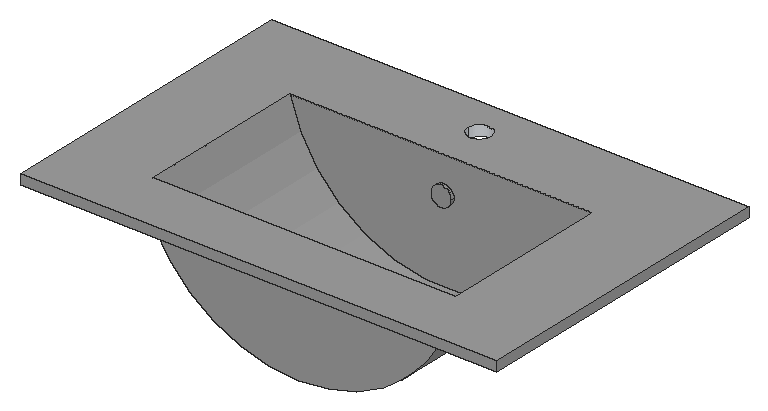
Revit family "L.DELFOS-N 70", category Plumbing Fixtures, Revit 2019
Family settings
  Round Connector Dimension = Use Diameter
  Part Type = Normal
  OmniClass Number = 23.45.00.00
  OmniClass Title = Sanitary, Laundry, and Cleaning Equipment
  Work Plane-Based = No
  Always vertical = Yes
  Cut with Voids When Loaded = No
  Shared = No
  Room Calculation Point = No
Reference planes
  plane 1 "Center (Front/Back)": y = 0
  plane 2: z = 0
  plane 3 "Center (Left/Right)": x = 0
Forms (mm)
  Extrusion 1, solid
    sketch origin (0, 0, 0) x (1, 0, 0) y (0, 0, 1)
      loop
        line (0, 180) -> (0, 165) -> (120.712, 165)
        arc (120.712, 165) -> (356, -10.034) -> (591.288, 165) r 245.659
        line (591.288, 165) -> (720, 165) -> (720, 180) -> (0, 180)
    from 0 to 475
  Extrusion 2, void
    sketch origin (0, 0, 0) x (1, 0, 0) y (0, 0, 1)
      loop
        arc (127, 180) -> (356, -0.034) -> (585, 180) r 235.659
        line (585, 180) -> (127, 180)
    from 125 to 384
  Extrusion 3, void
    sketch origin (0, 0, 0) x (0, 1, 0) y (0, 0, 1)
      loop
        line (-115, 165) -> (-115, -10.034) -> (0, -10.034) -> (0, 165) -> (-115, 165)
      loop
        line (-394, 165) -> (-475, 165) -> (-475, -10.034) -> (-394, -10.034) -> (-394, 165)
    from 0 to 591.288
  Extrusion 4, void
    sketch origin (0, 0, 0) x (1, 0, 0) y (0, 1, 0)
      loop
        circle (360, -57.5) r 17.5
      loop
        circle (356, -254.5) r 25
    from -10.034 to 180
  Extrusion 5, solid
    sketch origin (0, 0, 0) x (1, 0, 0) y (0, 0, 1)
      loop
        circle (360, 125) r 15
    from 125 to 129.83
Cuts and joins
  Extrusion 2, Extrusion 3, Extrusion 4 cuts Extrusion 1
Dimensions and locks
  aligned and locked: level to plane 2
